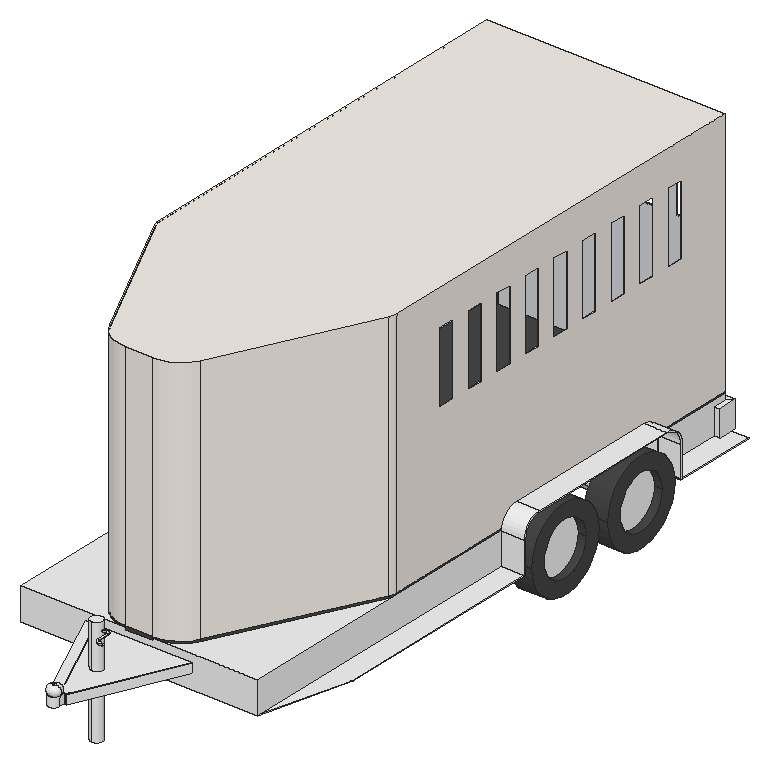
Revit family "1452255210613-Horse trailer", category Site, Revit 2012
Parameters (values of type "Horse Trailer")
  Tires = Rubber - Black
  Material = Metal - Paint Finish - Blue, Sky
  Assembly Code = ""
Reference planes (in)
  plane 1 "Center (Front/Back)": x = 1.26923
  plane 2: z = 0
  plane 3 "Center (Left/Right)": y = -1.26923
  plane 4: y = 118.73077
  plane 5 "3": y = -77.26923
  plane 6 "1": x = -17.23503
  plane 7 "2": x = 20.48331
  plane 8: z = 24.54164
  plane 9: x = -17.76535
  plane 10: x = 20.16549
  plane 11: x = 49.26923
  plane 12: x = -46.73077
  plane 13: z = 14
  plane 14: y = 73.73124
  plane 15: y = -77.26923
  plane 16: y = -39.26923
  plane 17: y = -20.26923
  plane 18: x = 13.26923
  plane 19: x = -10.73077
  plane 20: z = 96.5625
  plane 21: y = 100.73077
  plane 22: y = 94.73077
  plane 23: z = 72.5625
  plane 24: z = 96.5625
  plane 25: y = 88.73077
  plane 26: y = 82.73077
  plane 27: z = 72.5625
  plane 28: z = 96.5625
  plane 29: y = 76.73077
  plane 30: y = 70.73077
  plane 31: z = 72.5625
  plane 32: z = 96.5625
  plane 33: y = 64.73077
  plane 34: y = 58.73077
  plane 35: z = 72.5625
  plane 36: z = 96.5625
  plane 37: y = 52.73077
  plane 38: y = 46.73077
  plane 39: z = 72.5625
  plane 40: z = 96.5625
  plane 41: y = 40.73077
  plane 42: y = 34.73077
  plane 43: z = 72.5625
  plane 44: z = 96.5625
  plane 45: y = 28.73077
  plane 46: y = 22.73077
  plane 47: z = 72.5625
  plane 48: z = 96.5625
  plane 49: y = 16.73077
  plane 50: y = 10.73077
  plane 51: z = 72.5625
  plane 52: z = 96.5625
  plane 53: y = 4.73077
  plane 54: y = -1.26923
  plane 55: z = 72.5625
  plane 56: x = -34.73077
  plane 57: x = 37.26923
  plane 58: x = 1.26923
  plane 59: x = 41.51923
  plane 60: x = -26.23077
  plane 61: x = 14.01923
  plane 62: x = -53.48077
Forms (in)
  Extrusion 1, solid, material "Metal - Steel"
    sketch origin (1.26923, -264, 24) x (0, -1, 0) y (0, 0, 1)
      loop
        line (-382.73077, -10.76049) -> (-354.56572, -10.76049) -> (-354.56572, -0.53906) -> (-288.89675, -0.53906) -> (-288.89675, -10.76049) -> (-186.73077, -10.76049) -> (-186.73077, 0.04164) -> (-382.73077, 0.04164) -> (-382.73077, -10.76049)
    from 40 to -40
  Extrusion 2, solid, material "Rubber - Black" <- "Tires"
    sketch origin (-19.73077, -45, 40) x (0, -1, 0) y (0, 0, 1)
      loop
        circle (-118.73124, -26) r 14
      loop
        circle (-86.73124, -26) r 14
      loop
        circle (-86.73124, -26) r 9
      loop
        circle (-118.73124, -26) r 9
    from 19 to 27
  Extrusion 3, solid, material "Rubber - Black"
    sketch origin (225, 219, 0) x (1, 0, 0) y (0, 1, 0)
      loop
        line (-263.73077, -100.26923) -> (-263.73077, -237.87511)
        arc (-263.73077, -237.87511) -> (-263.57508, -239.23306) -> (-263.1161, -240.52053) r 6
        line (-263.1161, -240.52053) -> (-239.02649, -289.56008)
        arc (-239.02649, -289.56008) -> (-234.60052, -294.45476) -> (-228.25584, -296.26923) r 12
        line (-228.25584, -296.26923) -> (-219.2057, -296.26923)
        arc (-219.2057, -296.26923) -> (-212.86102, -294.45476) -> (-208.43504, -289.56008) r 12
        line (-208.43504, -289.56008) -> (-184.34544, -240.52053)
        arc (-184.34544, -240.52053) -> (-183.88646, -239.23306) -> (-183.73077, -237.87511) r 6
        line (-183.73077, -237.87511) -> (-183.73077, -100.26923) -> (-263.73077, -100.26923)
    from 24.55223 to 23.46094
  Sweep 4, solid, material "Metal - Hitch"
    path origin (225, 227.55757, 0) x (1, 0, 0) y (0, 1, 0)
      loop
        line (-204.83451, -274.78817) -> (-204.83451, -298.78817) -> (-222.15409, -337.14337) -> (-225.44577, -337.14337) -> (-242.76535, -298.78817) -> (-242.76535, -274.78817)
    profile origin (-31.96139, -70.7803, 0) x (0.911389, -0.411545, 0) y (0, 0, 1)
      loop
        line (49.19321, 18.24493) -> (49.19321, 21.24493) -> (46.19321, 21.24493) -> (46.19321, 18.24493) -> (49.19321, 18.24493)
  Sweep 5, solid, material "Metal - Steel"
    path origin (225, 219, 0) x (1, 0, 0) y (0, 1, 0)
      loop
        line (-263.73077, -104.70786) -> (-263.73077, -100.26923) -> (-183.73077, -100.26923) -> (-183.73077, -104.70786)
    profile origin (0, 116.51145, 0) x (-1, 0, 0) y (0, 0, 1)
      loop
        line (38.73077, 13.23951) -> (40.73077, 13.23951) -> (40.73077, 22.23951) -> (38.73077, 22.23951) -> (38.73077, 13.23951)
  Extrusion 6, solid, material "Rubber - Black" <- "Tires"
    sketch origin (22.26923, -45, 40) x (0, -1, 0) y (0, 0, -1)
      loop
        circle (-118.73124, 26) r 14
      loop
        circle (-86.73124, 26) r 14
      loop
        circle (-86.73124, 26) r 9
      loop
        circle (-118.73124, 26) r 9
    from 19 to 27
  Extrusion 7, solid, material "Metal - Steel"
    sketch origin (-17.94485, 219, 0) x (0, 1, 0) y (0, 0, -1)
      loop
        circle (-145.26876, -14) r 9
      loop
        circle (-177.26876, -14) r 9
    from -64.24679 to -59.21408
  Extrusion 8, solid, material "Metal - Steel"
    sketch origin (20.48331, 219, 0) x (0, 1, 0) y (0, 0, 1)
      loop
        circle (-145.26876, 14) r 9
      loop
        circle (-177.26876, 14) r 9
    from -64.24679 to -59.21408
  Sweep 9, solid, material "Metal - Hitch"
    path origin (0, 4.32682, 0) x (1, 0, 0) y (0, 1, 0)
      loop
        circle (1.20007, -117.0858) r 3
    profile origin (1.20007, -109.75898, 0) x (0, -1, 0) y (0, 0, 1)
      loop
        line (2.82682, 23.80219) -> (2.82682, 24.05219) -> (2.25, 24.05219)
        arc (2.25, 24.05219) -> (0.83166, 23.04036) -> (1.32682, 21.36993) r 1.5
        line (1.32682, 21.36993) -> (1.32682, 21.24493) -> (1.57682, 21.24493) -> (1.57682, 21.49894)
        arc (1.57682, 21.49894) -> (1.0502, 22.90286) -> (2.25, 23.80219) r 1.25
        line (2.25, 23.80219) -> (2.82682, 23.80219)
  Sweep 10, solid, material "Metal - Hitch"
    path origin (0, 6, 0) x (1, 0, 0) y (0, 1, 0)
      loop
        arc (-1.41427, -117.0858) -> (-1.23749, -117.15902) -> (-1.16427, -117.3358) r 0.25
        line (-1.16427, -117.3358) -> (-1.16427, -118.93215)
        arc (-1.16427, -118.93215) -> (1.20007, -121.29649) -> (3.56441, -118.93215) r 2.36434
        line (3.56441, -118.93215) -> (3.56441, -117.3358)
        arc (3.56441, -117.3358) -> (3.63764, -117.15902) -> (3.81441, -117.0858) r 0.25
    profile origin (-1.16427, -112.13398, 0) x (1, 0, 0) y (0, 0, 1)
      loop
        line (0.94116, 21.23951) -> (0.44116, 21.23951) -> (0.44116, 18.24493) -> (0.94116, 18.24493) -> (0.94116, 21.23951)
  Extrusion 11, solid, material "Metal - Steel"
    sketch origin (0, 6, 0) x (1, 0, 0) y (0, 1, 0)
      loop
        line (-19.39374, -77.26923) -> (-1.41427, -117.0858) -> (3.81441, -117.0858) -> (21.79389, -77.26923) -> (-19.39374, -77.26923)
    from 21.25 to 21.5
  Extrusion 12, solid, material "Metal - Steel"
    sketch origin (0, 0, 0) x (1, 0, 0) y (0, 1, 0)
      loop
        line (41.26923, -77.26923) -> (49.26923, -47.41282) -> (49.26923, 24.89675) -> (41.26923, 24.89675) -> (41.26923, -77.26923)
    from 13.25 to 13.5
  Extrusion 13, solid, material "Metal - Steel"
    sketch origin (2.53846, 0, 0) x (-1, 0, 0) y (0, -1, 0)
      loop
        line (41.26923, 77.26923) -> (41.26923, -24.89675) -> (49.26923, -24.89675) -> (49.26923, 47.41282) -> (41.26923, 77.26923)
    from 13.25 to 13.5
  Extrusion 14, solid, material "Metal - Steel"
    sketch origin (0, 0, 0) x (1, 0, 0) y (0, 1, 0)
      loop
        line (-38.73077, 118.73077) -> (-46.73077, 118.73077) -> (-46.73077, 90.56572) -> (-38.73077, 90.56572) -> (-38.73077, 118.73077)
    from 13.25 to 13.5
  Extrusion 15, solid, material "Metal - Steel"
    sketch origin (2.53846, 0, 0) x (-1, 0, 0) y (0, -1, 0)
      loop
        line (-38.73077, -118.73077) -> (-38.73077, -90.56572) -> (-46.73077, -90.56572) -> (-46.73077, -118.73077) -> (-38.73077, -118.73077)
    from 13.25 to 13.5
  Sweep 16, solid
    path origin (0, 0, 0) x (1, 0, 0) y (0, 1, 0)
      loop
        line (-38.73077, 73.73124) -> (41.26923, 73.73124)
    profile origin (1.26923, 73.73124, 0) x (0, 1, 0) y (0, 0, 1)
      loop
        circle (0, 14) r 2
  Sweep 17, solid
    path origin (0, 0, 0) x (1, 0, 0) y (0, 1, 0)
      loop
        line (-38.73077, 41.73124) -> (41.26923, 41.73124)
    profile origin (1.26923, 41.73124, 0) x (0, 1, 0) y (0, 0, 1)
      loop
        circle (0, 14) r 2
  Sweep 18, solid, material "Metal - Steel"
    path origin (-46.73077, 0, -25.23077) x (0, 0, -1) y (0, 1, 0)
      loop
        line (-38.73077, 90.56572) -> (-49.23077, 90.56572)
        arc (-49.23077, 90.56572) -> (-53.47341, 88.80836) -> (-55.23077, 84.56572) r 6
        line (-55.23077, 84.56572) -> (-55.23077, 30.89675)
        arc (-55.23077, 30.89675) -> (-53.47341, 26.65411) -> (-49.23077, 24.89675) r 6
        line (-49.23077, 24.89675) -> (-38.73077, 24.89675)
    profile origin (-46.73077, 90.56572, 18.75) x (0, -1, 0) y (1, 0, 0)
      loop
        line (0, 0) -> (0, 8) -> (-0.25, 8) -> (-0.25, 0) -> (0, 0)
  Sweep 19, solid, material "Metal - Steel"
    path origin (49.26923, 0, -25.23077) x (0, 0, -1) y (0, -1, 0)
      loop
        line (-38.73077, -90.56572) -> (-49.23077, -90.56572)
        arc (-49.23077, -90.56572) -> (-53.47341, -88.80836) -> (-55.23077, -84.56572) r 6
        line (-55.23077, -84.56572) -> (-55.23077, -30.89675)
        arc (-55.23077, -30.89675) -> (-53.47341, -26.65411) -> (-49.23077, -24.89675) r 6
        line (-49.23077, -24.89675) -> (-38.73077, -24.89675)
    profile origin (49.26923, 90.56572, 18.75) x (0, 1, 0) y (-1, 0, 0)
      loop
        line (0, 0) -> (0.25, 0) -> (0.25, 8) -> (0, 8) -> (0, 0)
  Extrusion 20, solid, material "Metal - Trailer Body"
    sketch origin (0, 0, 0) x (1, 0, 0) y (0, 1, 0)
      loop
        line (-38.1161, -21.52053) -> (-14.02649, -70.56008)
        arc (-14.02649, -70.56008) -> (-9.60052, -75.45476) -> (-3.25584, -77.26923) r 12
        line (-3.25584, -77.26923) -> (5.7943, -77.26923)
        arc (5.7943, -77.26923) -> (12.13898, -75.45476) -> (16.56496, -70.56008) r 12
        line (16.56496, -70.56008) -> (40.65456, -21.52053)
        arc (40.65456, -21.52053) -> (41.11354, -20.23306) -> (41.26923, -18.87511) r 6
        line (41.26923, -18.87511) -> (41.26923, 118.73077) -> (-38.73077, 118.73077) -> (-38.73077, -18.87511)
        arc (-38.73077, -18.87511) -> (-38.57508, -20.23306) -> (-38.1161, -21.52053) r 6
    from 24.5625 to 108.5625
  Sweep 21, void
    path origin (0, -12, 0) x (1, 0, 0) y (0, 1, 0)
      loop
        line (-38.73077, 104.64824) -> (41.26923, 104.64824)
    profile origin (1.26923, 92.64824, 0) x (0, 1, 0) y (0, 0, 1)
      loop
        line (8.08252, 96.5625) -> (2.08252, 96.5625) -> (2.08252, 72.5625) -> (8.08252, 72.5625) -> (8.08252, 96.5625)
  Sweep 22, void
    path origin (0, -24, 0) x (1, 0, 0) y (0, 1, 0)
      loop
        line (-38.73077, 104.64824) -> (41.26923, 104.64824)
    profile origin (1.26923, 80.64824, 0) x (0, 1, 0) y (0, 0, 1)
      loop
        line (8.08252, 96.5625) -> (2.08252, 96.5625) -> (2.08252, 72.5625) -> (8.08252, 72.5625) -> (8.08252, 96.5625)
  Sweep 23, void
    path origin (0, -36, 0) x (1, 0, 0) y (0, 1, 0)
      loop
        line (-38.73077, 104.64824) -> (41.26923, 104.64824)
    profile origin (1.26923, 68.64824, 0) x (0, 1, 0) y (0, 0, 1)
      loop
        line (8.08252, 96.5625) -> (2.08252, 96.5625) -> (2.08252, 72.5625) -> (8.08252, 72.5625) -> (8.08252, 96.5625)
  Sweep 24, void
    path origin (0, -48, 0) x (1, 0, 0) y (0, 1, 0)
      loop
        line (-38.73077, 104.64824) -> (41.26923, 104.64824)
    profile origin (1.26923, 56.64824, 0) x (0, 1, 0) y (0, 0, 1)
      loop
        line (8.08252, 96.5625) -> (2.08252, 96.5625) -> (2.08252, 72.5625) -> (8.08252, 72.5625) -> (8.08252, 96.5625)
  Sweep 25, void
    path origin (0, -60, 0) x (1, 0, 0) y (0, 1, 0)
      loop
        line (-38.73077, 104.64824) -> (41.26923, 104.64824)
    profile origin (1.26923, 44.64824, 0) x (0, 1, 0) y (0, 0, 1)
      loop
        line (8.08252, 96.5625) -> (2.08252, 96.5625) -> (2.08252, 72.5625) -> (8.08252, 72.5625) -> (8.08252, 96.5625)
  Sweep 26, void
    path origin (0, -72, 0) x (1, 0, 0) y (0, 1, 0)
      loop
        line (-38.73077, 104.64824) -> (41.26923, 104.64824)
    profile origin (1.26923, 32.64824, 0) x (0, 1, 0) y (0, 0, 1)
      loop
        line (8.08252, 96.5625) -> (2.08252, 96.5625) -> (2.08252, 72.5625) -> (8.08252, 72.5625) -> (8.08252, 96.5625)
  Sweep 27, void
    path origin (0, -84, 0) x (1, 0, 0) y (0, 1, 0)
      loop
        line (-38.73077, 104.64824) -> (41.26923, 104.64824)
    profile origin (1.26923, 20.64824, 0) x (0, 1, 0) y (0, 0, 1)
      loop
        line (8.08252, 96.5625) -> (2.08252, 96.5625) -> (2.08252, 72.5625) -> (8.08252, 72.5625) -> (8.08252, 96.5625)
  Sweep 28, void
    path origin (0, -96, 0) x (1, 0, 0) y (0, 1, 0)
      loop
        line (-38.73077, 104.64824) -> (41.26923, 104.64824)
    profile origin (1.26923, 8.64824, 0) x (0, 1, 0) y (0, 0, 1)
      loop
        line (8.08252, 96.5625) -> (2.08252, 96.5625) -> (2.08252, 72.5625) -> (8.08252, 72.5625) -> (8.08252, 96.5625)
  Sweep 29, void
    path origin (0, -108, 0) x (1, 0, 0) y (0, 1, 0)
      loop
        line (-38.73077, 104.64824) -> (41.26923, 104.64824)
    profile origin (1.26923, -3.35176, 0) x (0, 1, 0) y (0, 0, 1)
      loop
        line (8.08252, 96.5625) -> (2.08252, 96.5625) -> (2.08252, 72.5625) -> (8.08252, 72.5625) -> (8.08252, 96.5625)
  Extrusion 30, void
    sketch origin (0, 0, 0) x (1, 0, 0) y (0, 1, 0)
      loop
        line (-38.48077, 118.48077) -> (-38.48077, -18.87511)
        arc (-38.48077, -18.87511) -> (-38.33157, -20.17647) -> (-37.89171, -21.41031) r 5.75
        line (-37.89171, -21.41031) -> (-13.80211, -70.44985)
        arc (-13.80211, -70.44985) -> (-9.46834, -75.24257) -> (-3.25584, -77.01923) r 11.75
        line (-3.25584, -77.01923) -> (5.7943, -77.01923)
        arc (5.7943, -77.01923) -> (12.0068, -75.24257) -> (16.34057, -70.44985) r 11.75
        line (16.34057, -70.44985) -> (40.43017, -21.41031)
        arc (40.43017, -21.41031) -> (40.87003, -20.17647) -> (41.01923, -18.87511) r 5.75
        line (41.01923, -18.87511) -> (41.01923, 118.48077) -> (-38.48077, 118.48077)
    from 24.5625 to 108.3125
  Extrusion 31, void
    sketch origin (0, 0, 0) x (1, 0, 0) y (0, 1, 0)
      loop
        line (-34.73077, 118.73077) -> (-34.73077, 118.48077) -> (37.26923, 118.48077) -> (37.26923, 118.73077) -> (-34.73077, 118.73077)
    from 24.5625 to 104.86708
  Extrusion 32, solid
    sketch origin (0, 0, 0) x (1, 0, 0) y (0, 1, 0)
      loop
        line (-34.73077, 118.73077) -> (-34.73077, 118.48077) -> (37.26923, 118.48077) -> (37.26923, 118.73077) -> (-34.73077, 118.73077)
    from 24.5625 to 104.86708
  Sweep 33, void
    path origin (0, 0, 0) x (1, 0, 0) y (0, 1, 0)
      loop
        line (34.76923, 118.73077) -> (34.76923, 118.48077)
    profile origin (34.76923, 118.60577, 0) x (1, 0, 0) y (0, 0, 1)
      loop
        line (-3.5, 96.5625) -> (-9.5, 96.5625) -> (-9.5, 72.5625) -> (-3.5, 72.5625) -> (-3.5, 96.5625)
  Sweep 34, void
    path origin (42.78846, 0, 0) x (-1, 0, 0) y (0, 1, 0)
      loop
        line (34.76923, 118.73077) -> (34.76923, 118.48077)
    profile origin (8.01923, 118.60577, 0) x (1, 0, 0) y (0, 0, 1)
      loop
        line (3.5, 96.5625) -> (3.5, 72.5625) -> (9.5, 72.5625) -> (9.5, 96.5625) -> (3.5, 96.5625)
  Sweep 35, void
    path origin (-27.5, 0, 0) x (1, 0, 0) y (0, 1, 0)
      loop
        line (34.76923, 118.73077) -> (34.76923, 118.48077)
    profile origin (7.26923, 118.60577, 0) x (1, 0, 0) y (0, 0, 1)
      loop
        line (-3.5, 96.5625) -> (-9.5, 96.5625) -> (-9.5, 72.5625) -> (-3.5, 72.5625) -> (-3.5, 96.5625)
  Sweep 36, void
    path origin (15.28846, 0, 0) x (-1, 0, 0) y (0, 1, 0)
      loop
        line (34.76923, 118.73077) -> (34.76923, 118.48077)
    profile origin (-19.48077, 118.60577, 0) x (1, 0, 0) y (0, 0, 1)
      loop
        line (3.5, 96.5625) -> (3.5, 72.5625) -> (9.5, 72.5625) -> (9.5, 96.5625) -> (3.5, 96.5625)
  Sweep 37, void
    path origin (-54.75, 0, 0) x (1, 0, 0) y (0, 1, 0)
      loop
        line (34.76923, 118.73077) -> (34.76923, 118.48077)
    profile origin (-19.98077, 118.60577, 0) x (1, 0, 0) y (0, 0, 1)
      loop
        line (-3.5, 96.5625) -> (-9.5, 96.5625) -> (-9.5, 72.5625) -> (-3.5, 72.5625) -> (-3.5, 96.5625)
  Sweep 38, solid, material "Metal - Hitch"
    path origin (1.26923, 26, 162.39297) x (0, 0, 1) y (0, 1, 0)
      loop
        line (-162.39297, -121.19067) -> (-126.39297, -121.19067)
    profile origin (1.26923, -95.19067, 18) x (0, 1, 0) y (-1, 0, 0)
      loop
        circle (0, 0) r 2
  Sweep 39, solid, material "Metal - Hitch"
    path origin (0, 0, 0) x (1, 0, 0) y (0, 1, 0)
      loop
        line (3.26923, -95.19067) -> (4.76923, -95.19067)
        arc (4.76923, -95.19067) -> (5.47634, -95.48357) -> (5.76923, -96.19067) r 1
        line (5.76923, -96.19067) -> (5.76923, -100.19067)
        arc (5.76923, -100.19067) -> (6.06212, -100.89778) -> (6.76923, -101.19067) r 1
        line (6.76923, -101.19067) -> (8.26923, -101.19067)
    profile origin (4.01923, -95.19067, 0) x (0, 1, 0) y (0, 0, 1)
      loop
        circle (0, 33.5) r 0.25
Cuts and joins
  Sweep 21, Sweep 22, Sweep 23, Sweep 24, Sweep 25, Sweep 26, Sweep 27, Sweep 28, Sweep 29, Extrusion 30, Extrusion 31, Sweep 33, Sweep 34, Sweep 35, Sweep 36, Sweep 37 cuts Extrusion 20
  Sweep 33, Sweep 34, Sweep 35, Sweep 36, Sweep 37 cuts Extrusion 32
  joined: Extrusion 1, Extrusion 13
Dimensions and locks (in)
  equal spacing: plane 15, plane 16, plane 3 "Center (Left/Right)"
  equal spacing: plane 16, plane 17, plane 3 "Center (Left/Right)"
  Extrusion 3 to level = 2' - 0.55223"
  Extrusion 3 to cut or joined group of Extrusion 20, Sweep 21, Sweep 22, Sweep 23, Sweep 24, Sweep 25, Sweep 26, Sweep 27, Sweep 28, Sweep 29, Extrusion 30, Extrusion 31, Sweep 33, Sweep 34, Sweep 35, Sweep 36, Sweep 37 = 6' - 8.31484"
  cut or joined group of Extrusion 32, Sweep 33, Sweep 34, Sweep 35, Sweep 36, Sweep 37 to cut or joined group of Extrusion 32, Sweep 33, Sweep 34, Sweep 35, Sweep 36, Sweep 37 = 6' - 0"
